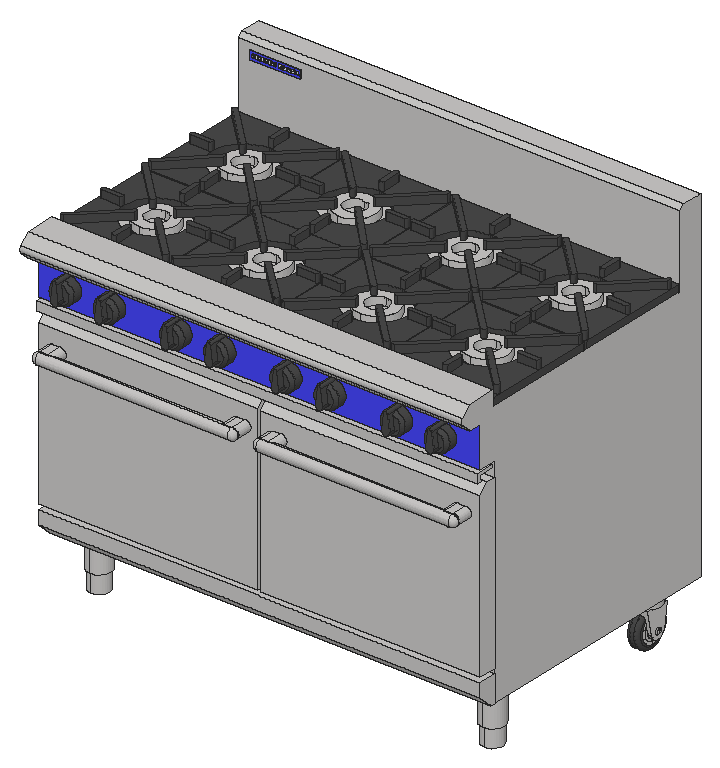
Revit family "QF_MOFFAT_BLUESEAL_CE_G528D", category Specialty Equipment, Revit 2012
Parameters
  Width = 1200 mm
  Weight in Pounds = 664  # constant formula
  URL Cutsheet = "www.moffat.com"
  URL = "www.moffat.com"
  Type Mark [instance] = ""
  Status [instance] = ""
  Specification by User [instance] = ""
  Specification by Manufacturer = ""
  Show Logo [instance] = yes
  Show Clearance [instance] = yes
  Show Casters [instance] = yes
  Serial Number = ""
  Seismic Rating = ""
  SMACNA No = ""
  Revision Code [instance] = ""
  Omniclass Number and Title = ""
  NAFEM Spec ID Number = ""
  Model = "G528D"
  Mechanical Remarks = ""
  Mechanical Connection Type [instance] = ""
  Masterspec = ""
  Manufacturer = "MOFFAT BLUESEAL"
  Legs [instance] = no
  Item Number [instance] = ""
  Installed By [instance] = ""
  Identify Quantity as Lot [instance] = yes
  Height = 970 mm
  Gas Size = 3/4"
  Gas RI Height [instance] = 0 mm
  Gas KW [instance] = 69.2
  Gas Input [instance] = 237000.0 Btu/h
  Gas Connection Height = 0 mm
  Furnished By [instance] = ""
  Foodservice Equipment Identifier [instance] = yes
  Description = "1200MM GAS RANGE WITH DOUBLE STATIC OVENS"
  Depth = 812 mm
  CSI MasterFormat = ""
  CSI Master Format = ""
  Body Finish = QF_Finishes_Stainless Steel
Reference planes
  plane 1 "BACK": y = 0
  plane 2: z = 0
  plane 3 "LEFT": x = 0
  plane 4 "RIGHT": x = 1200
  plane 5 "FRONT": y = -812
  plane 6 "TOP": z = 970
  plane 7 "Center Y": x = 600
  plane 8 "Center X": y = -406
  plane 9: y = -805
  plane 10: y = -32
  plane 11: z = 655
  plane 12: z = 1085
  plane 13: y = -100
  plane 14: y = -625
  plane 15: x = 1134.5
  plane 16: x = 65.5
Forms (mm)
  Extrusion 1, solid, material "QF_Finishes_Stainless Steel" <- "Body Finish"
    sketch origin (0, 0, 0) x (0, 1, 0) y (0, 0, 1)
      loop
        line (0, 150) -> (0, 1085) -> (-57.5, 1085) -> (-70, 1072.5) -> (-70, 875) -> (-705, 875) -> (-705, 915) -> (-783.97, 915) -> (-808.485, 890.485)
        arc (-808.485, 890.485) -> (-811.999, 882) -> (-808.485, 873.515) r 12
        line (-808.485, 873.515) -> (-784.97, 850) -> (-749, 850) -> (-749, 740) -> (-699, 740) -> (-699, 150) -> (0, 150)
      loop
        line (-756, 710) -> (-747.224, 710) -> (-749.613, 726.999) -> (-707.93, 726.999) -> (-707.93, 734.003) -> (-756, 734.003) -> (-756, 710)
      loop
        line (-749, 186) -> (-713, 150) -> (-700, 150) -> (-700, 222.5) -> (-749, 222.5) -> (-749, 186)
    from 0 to 1200
  Extrusion 2, solid, material "QF_Finishes_Stainless Steel"
    sketch origin (0, 0, 0) x (0, 1, 0) y (0, 0, 1)
      loop
        line (-749, 676) -> (-749, 235) -> (-700, 235) -> (-700, 700) -> (-725, 700) -> (-749, 676)
    from 0 to 1200
  Revolve 3, solid, material "QF_Finishes_Stainless Steel" <- "Body Finish"
    sketch origin (1134.5, -696.126, 0) x (0, 1, 0) y (0, 0, -1)
      loop
        line (39.376, -150) -> (71.126, -150) -> (71.126, 0) -> (43.626, 0) -> (43.626, -50) -> (39.376, -50) -> (39.376, -150)
      axis (71.126, -150) -> (71.126, 0)
    angle from 0 to 360
  Revolve 4, solid, material "QF_Finishes_Stainless Steel" <- "Body Finish"
    sketch origin (65.5, -696.126, 0) x (0, 1, 0) y (0, 0, 1)
      loop
        line (39.376, 150) -> (39.376, 50) -> (43.626, 50) -> (43.626, 0) -> (71.126, 0) -> (71.126, 150) -> (39.376, 150)
      axis (71.126, 150) -> (71.126, 0)
    angle from 0 to 360
  Extrusion 5, solid, material "QF_Finishes_Stainless Steel"
    sketch origin (-64.5, 0, 325) x (1, 0, 0) y (0, 1, 0)
      loop
        circle (1134.5, -34) r 10
    from 330 to 374.856
  Revolve 6, solid, material "QF_Finishes_Black"
    sketch origin (90.337, 45.874, -0.078) x (0, 1, 0) y (0, 0, -1)
      loop
        line (-827.874, -829.5) -> (-804.874, -829.5) -> (-804.874, -802) -> (-794.874, -802) -> (-794.874, -797) -> (-838.874, -797) -> (-838.874, -823.651) -> (-827.874, -829.5)
      axis (-838.874, -797) -> (-794.874, -797)
    angle from 0 to 360
  Revolve 7, solid, material "QF_Finishes_Black"
    sketch origin (210.649, 45.874, -0.078) x (0, 1, 0) y (0, 0, -1)
      loop
        line (-827.874, -829.5) -> (-804.874, -829.5) -> (-804.874, -802) -> (-794.874, -802) -> (-794.874, -797) -> (-838.874, -797) -> (-838.874, -823.651) -> (-827.874, -829.5)
      axis (-838.874, -797) -> (-794.874, -797)
    angle from 0 to 360
  Extrusion 8, solid, material "QF_Finishes_Black"
    sketch origin (238.144, 0, -0.078) x (-1, 0, 0) y (0, 0, -1)
      loop
        line (137.724, -786.273) -> (143.145, -829.191)
        arc (143.145, -829.191) -> (148.144, -834.078) -> (153.142, -829.191) r 5
        line (153.142, -829.191) -> (158.631, -785.106)
        arc (158.631, -785.106) -> (147.559, -774.607) -> (137.724, -786.273) r 10.487
    from 759 to 808
  Extrusion 9, void
    sketch origin (0, -756, 676) x (0, 0, 1) y (1, 0, 0)
      loop
        line (24, 595.449) -> (24, 604.551) -> (-453.5, 604.551) -> (-453.5, 595.449) -> (24, 595.449)
    from 0 to 51
  Revolve 10, solid, material "QF_Finishes_Black"
    sketch origin (390.649, 45.874, -0.078) x (0, 1, 0) y (0, 0, -1)
      loop
        line (-827.874, -829.5) -> (-804.874, -829.5) -> (-804.874, -802) -> (-794.874, -802) -> (-794.874, -797) -> (-838.874, -797) -> (-838.874, -823.651) -> (-827.874, -829.5)
      axis (-838.874, -797) -> (-794.874, -797)
    angle from 0 to 360
  Revolve 11, solid, material "QF_Finishes_Black"
    sketch origin (510.625, 45.874, -0.078) x (0, 1, 0) y (0, 0, -1)
      loop
        line (-827.874, -829.5) -> (-804.874, -829.5) -> (-804.874, -802) -> (-794.874, -802) -> (-794.874, -797) -> (-838.874, -797) -> (-838.874, -823.651) -> (-827.874, -829.5)
      axis (-838.874, -797) -> (-794.874, -797)
    angle from 0 to 360
  Revolve 12, solid, material "QF_Finishes_Black"
    sketch origin (690.649, 45.874, -0.078) x (0, 1, 0) y (0, 0, -1)
      loop
        line (-827.874, -829.5) -> (-804.874, -829.5) -> (-804.874, -802) -> (-794.874, -802) -> (-794.874, -797) -> (-838.874, -797) -> (-838.874, -823.651) -> (-827.874, -829.5)
      axis (-838.874, -797) -> (-794.874, -797)
    angle from 0 to 360
  Revolve 13, solid, material "QF_Finishes_Black"
    sketch origin (810.337, 45.874, -0.078) x (0, 1, 0) y (0, 0, -1)
      loop
        line (-827.874, -829.5) -> (-804.874, -829.5) -> (-804.874, -802) -> (-794.874, -802) -> (-794.874, -797) -> (-838.874, -797) -> (-838.874, -823.651) -> (-827.874, -829.5)
      axis (-838.874, -797) -> (-794.874, -797)
    angle from 0 to 360
  Revolve 14, solid, material "QF_Finishes_Black"
    sketch origin (990.649, 45.874, -0.078) x (0, 1, 0) y (0, 0, -1)
      loop
        line (-827.874, -829.5) -> (-804.874, -829.5) -> (-804.874, -802) -> (-794.874, -802) -> (-794.874, -797) -> (-838.874, -797) -> (-838.874, -823.651) -> (-827.874, -829.5)
      axis (-838.874, -797) -> (-794.874, -797)
    angle from 0 to 360
  Revolve 15, solid, material "QF_Finishes_Black"
    sketch origin (1110.625, 45.874, -0.078) x (0, 1, 0) y (0, 0, -1)
      loop
        line (-827.874, -829.5) -> (-804.874, -829.5) -> (-804.874, -802) -> (-794.874, -802) -> (-794.874, -797) -> (-838.874, -797) -> (-838.874, -823.651) -> (-827.874, -829.5)
      axis (-838.874, -797) -> (-794.874, -797)
    angle from 0 to 360
  Extrusion 16, solid, material "QF_Door-Drawer Clearances", visible <- "Show Clearance", detail levels coarse
    sketch origin (762.865, 0, 0) x (0, 1, 0) y (0, 0, 1)
      loop
        arc (-756, 697.347) -> (-1088.232, 559.732) -> (-1225.847, 227.5) r 469.847
        line (-1225.847, 227.5) -> (-756, 227.5) -> (-756, 697.347)
    from -167.415 to -762.865
  Extrusion 17, solid, material "QF_Door-Drawer Clearances", visible <- "Show Clearance", detail levels coarse
    sketch origin (437.135, 0, 0) x (0, 1, 0) y (0, 0, -1)
      loop
        line (-756, -697.347) -> (-756, -227.5) -> (-1225.847, -227.5)
        arc (-1225.847, -227.5) -> (-1088.232, -559.732) -> (-756, -697.347) r 469.847
    from -167.415 to -762.865
  Extrusion 18, void
    sketch origin (0, 0, 150) x (-1, 0, 0) y (0, -1, 0)
      loop
        line (-1133.988, 87.26) -> (-1133.988, -30.24) -> (-1004.488, -30.24) -> (-1004.488, 38.76) -> (-1052.988, 87.26) -> (-1133.988, 87.26)
    from 72.5 to 549.856
  Extrusion 19, solid, material "QF_Finishes_Stainless Steel"
    sketch origin (0, -749, 227.5) x (0, 0, 1) y (-1, 0, 0)
      loop
        line (380.625, -38.246) -> (380.625, -58.528)
        arc (380.625, -58.528) -> (395.625, -73.528) -> (410.625, -58.528) r 15
        line (410.625, -58.528) -> (410.625, -38.246)
        arc (410.625, -38.246) -> (395.625, -23.246) -> (380.625, -38.246) r 15
      loop
        arc (380.625, -560.539) -> (395.625, -575.539) -> (410.625, -560.539) r 15
        line (410.625, -560.539) -> (410.625, -540.257)
        arc (410.625, -540.257) -> (395.625, -525.257) -> (380.625, -540.257) r 15
        line (380.625, -540.257) -> (380.625, -560.539)
    from 0 to 44
  Revolve 20, solid, material "QF_Finishes_Stainless Steel"
    sketch origin (0, -793, 0) x (1, 0, 0) y (0, 0, 1)
      loop
        arc (575.852, 623.125) -> (571.458, 633.732) -> (560.852, 638.125) r 15
        line (560.852, 638.125) -> (38.246, 638.125)
        arc (38.246, 638.125) -> (27.64, 633.732) -> (23.246, 623.125) r 15
        line (23.246, 623.125) -> (575.852, 623.125)
      axis (575.852, 623.125) -> (23.246, 623.125)
    angle from 0 to 360
  Extrusion 21, solid, material "QF_Finishes_Stainless Steel"
    sketch origin (600, -749, 227.5) x (0, 0, 1) y (-1, 0, 0)
      loop
        line (380.625, -38.246) -> (380.625, -58.528)
        arc (380.625, -58.528) -> (395.625, -73.528) -> (410.625, -58.528) r 15
        line (410.625, -58.528) -> (410.625, -38.246)
        arc (410.625, -38.246) -> (395.625, -23.246) -> (380.625, -38.246) r 15
      loop
        arc (380.625, -560.539) -> (395.625, -575.539) -> (410.625, -560.539) r 15
        line (410.625, -560.539) -> (410.625, -540.257)
        arc (410.625, -540.257) -> (395.625, -525.257) -> (380.625, -540.257) r 15
        line (380.625, -540.257) -> (380.625, -560.539)
    from 0 to 44
  Revolve 22, solid, material "QF_Finishes_Stainless Steel"
    sketch origin (600, -793, 0) x (1, 0, 0) y (0, 0, 1)
      loop
        arc (575.852, 623.125) -> (571.458, 633.732) -> (560.852, 638.125) r 15
        line (560.852, 638.125) -> (38.246, 638.125)
        arc (38.246, 638.125) -> (27.64, 633.732) -> (23.246, 623.125) r 15
        line (23.246, 623.125) -> (575.852, 623.125)
      axis (575.852, 623.125) -> (23.246, 623.125)
    angle from 0 to 360
  Revolve 23, solid, material "QF_Finishes_Stainless Steel", visible <- "Legs"
    sketch origin (65.5, -166, 0) x (0, 1, 0) y (0, 0, 1)
      loop
        line (34.25, 150) -> (34.25, 50) -> (38.5, 50) -> (38.5, 0) -> (66, 0) -> (66, 150) -> (34.25, 150)
      axis (66, 150) -> (66, 0)
    angle from 0 to 360
  Revolve 24, solid, material "QF_Finishes_Stainless Steel", visible <- "Show Casters"
    sketch origin (16.276, -100.755, -12.8) x (1, 0, 0) y (0, 0, 1)
      loop
        line (14.841, 63.604) -> (83.584, 63.604) -> (83.584, 67.109) -> (82.314, 68.379) -> (80.79, 68.379) -> (80.79, 71.826) -> (68.644, 71.826) -> (68.644, 81.79) -> (65.088, 83.843) -> (63.738, 92.179) -> (65.881, 92.179) -> (65.881, 98.529) -> (65.088, 98.529) -> (65.088, 104.879)
        arc (65.088, 104.879) -> (62.298, 111.614) -> (55.563, 114.404) r 9.525
        line (55.563, 114.404) -> (42.863, 114.404)
        arc (42.863, 114.404) -> (36.127, 111.614) -> (33.338, 104.879) r 9.525
        line (33.338, 104.879) -> (33.338, 98.529) -> (32.544, 98.529) -> (32.544, 92.179) -> (34.687, 92.179) -> (33.352, 83.932) -> (29.782, 81.871) -> (29.782, 71.826) -> (17.635, 71.826) -> (17.635, 68.379) -> (16.111, 68.379) -> (14.841, 67.109) -> (14.841, 63.604)
      axis (14.841, 63.604) -> (83.584, 63.604)
    angle from 0 to 360
  Extrusion 25, solid, material "QF_Finishes_Stainless Steel", visible <- "Show Casters"
    sketch origin (72.001, 132.353, -8.783) x (0, 1, 0) y (0, 0, 1)
      loop
        line (-200.603, 118.783) -> (-264.103, 118.783) -> (-251.746, 53.895)
        arc (-251.746, 53.895) -> (-232.353, 38.783) -> (-212.959, 53.895) r 20
        line (-212.959, 53.895) -> (-200.603, 118.783)
    from -35.667 to 22.923
  Revolve 26, solid, material "QF_Finishes_Stainless Steel", visible <- "Show Casters"
    sketch origin (65.5, -204, 0) x (0, 1, 0) y (0, 0, 1)
      loop
        line (68.25, 150) -> (68.25, 110) -> (104, 110) -> (104, 150) -> (68.25, 150)
      axis (104, 150) -> (104, 110)
    angle from 0 to 360
  Revolve 27, solid, material "QF_Finishes_Stainless Steel", visible <- "Legs"
    sketch origin (65.5, -166, 0) x (0, 1, 0) y (0, 0, 1)
      loop
        line (34.25, 150) -> (34.25, 50) -> (38.5, 50) -> (38.5, 0) -> (66, 0) -> (66, 150) -> (34.25, 150)
      axis (66, 150) -> (66, 0)
    angle from 0 to 360
  Revolve 28, solid, material "QF_Finishes_Stainless Steel", visible <- "Legs"
    sketch origin (1134.5, -166, 0) x (0, 1, 0) y (0, 0, -1)
      loop
        line (34.25, -150) -> (66, -150) -> (66, 0) -> (38.5, 0) -> (38.5, -50) -> (34.25, -50) -> (34.25, -150)
      axis (66, -150) -> (66, 0)
    angle from 0 to 360
  Revolve 29, solid, material "QF_Finishes_Stainless Steel", visible <- "Show Casters"
    sketch origin (1183.724, -100.755, -12.8) x (-1, 0, 0) y (0, 0, -1)
      loop
        line (14.841, -63.604) -> (14.841, -67.109) -> (16.111, -68.379) -> (17.635, -68.379) -> (17.635, -71.826) -> (29.782, -71.826) -> (29.782, -81.871) -> (33.352, -83.932) -> (34.687, -92.179) -> (32.544, -92.179) -> (32.544, -98.529) -> (33.338, -98.529) -> (33.338, -104.879)
        arc (33.338, -104.879) -> (36.127, -111.614) -> (42.863, -114.404) r 9.525
        line (42.863, -114.404) -> (55.563, -114.404)
        arc (55.563, -114.404) -> (62.298, -111.614) -> (65.088, -104.879) r 9.525
        line (65.088, -104.879) -> (65.088, -98.529) -> (65.881, -98.529) -> (65.881, -92.179) -> (63.738, -92.179) -> (65.088, -83.843) -> (68.644, -81.79) -> (68.644, -71.826) -> (80.79, -71.826) -> (80.79, -68.379) -> (82.314, -68.379) -> (83.584, -67.109) -> (83.584, -63.604) -> (14.841, -63.604)
      axis (14.841, -63.604) -> (83.584, -63.604)
    angle from 0 to 360
  Extrusion 30, solid, material "QF_Finishes_Stainless Steel", visible <- "Show Casters"
    sketch origin (1127.999, 132.353, -8.783) x (0, 1, 0) y (0, 0, -1)
      loop
        line (-200.603, -118.783) -> (-212.959, -53.895)
        arc (-212.959, -53.895) -> (-232.353, -38.783) -> (-251.746, -53.895) r 20
        line (-251.746, -53.895) -> (-264.103, -118.783) -> (-200.603, -118.783)
    from -35.667 to 22.923
  Revolve 31, solid, material "QF_Finishes_Stainless Steel", visible <- "Show Casters"
    sketch origin (1134.5, -204, 0) x (0, 1, 0) y (0, 0, -1)
      loop
        line (68.25, -150) -> (104, -150) -> (104, -110) -> (68.25, -110) -> (68.25, -150)
      axis (104, -150) -> (104, -110)
    angle from 0 to 360
  Revolve 32, solid, material "QF_Finishes_Stainless Steel", visible <- "Legs"
    sketch origin (1134.5, -166, 0) x (0, 1, 0) y (0, 0, -1)
      loop
        line (34.25, -150) -> (66, -150) -> (66, 0) -> (38.5, 0) -> (38.5, -50) -> (34.25, -50) -> (34.25, -150)
      axis (66, -150) -> (66, 0)
    angle from 0 to 360
  Extrusion 33, solid, material "QF_Finishes_Black"
    sketch origin (358.456, 0, -0.078) x (-1, 0, 0) y (0, 0, -1)
      loop
        line (137.724, -786.273) -> (143.145, -829.191)
        arc (143.145, -829.191) -> (148.144, -834.078) -> (153.142, -829.191) r 5
        line (153.142, -829.191) -> (158.631, -785.106)
        arc (158.631, -785.106) -> (147.559, -774.607) -> (137.724, -786.273) r 10.487
    from 759 to 808
  Extrusion 34, solid, material "QF_Finishes_Black"
    sketch origin (538.456, 0, -0.078) x (-1, 0, 0) y (0, 0, -1)
      loop
        line (137.724, -786.273) -> (143.145, -829.191)
        arc (143.145, -829.191) -> (148.144, -834.078) -> (153.142, -829.191) r 5
        line (153.142, -829.191) -> (158.631, -785.106)
        arc (158.631, -785.106) -> (147.559, -774.607) -> (137.724, -786.273) r 10.487
    from 759 to 808
  Extrusion 35, solid, material "QF_Finishes_Black"
    sketch origin (658.432, 0, -0.078) x (-1, 0, 0) y (0, 0, -1)
      loop
        line (137.724, -786.273) -> (143.145, -829.191)
        arc (143.145, -829.191) -> (148.144, -834.078) -> (153.142, -829.191) r 5
        line (153.142, -829.191) -> (158.631, -785.106)
        arc (158.631, -785.106) -> (147.559, -774.607) -> (137.724, -786.273) r 10.487
    from 759 to 808
  Extrusion 36, solid, material "QF_Finishes_Black"
    sketch origin (838.456, 0, -0.078) x (-1, 0, 0) y (0, 0, -1)
      loop
        line (137.724, -786.273) -> (143.145, -829.191)
        arc (143.145, -829.191) -> (148.144, -834.078) -> (153.142, -829.191) r 5
        line (153.142, -829.191) -> (158.631, -785.106)
        arc (158.631, -785.106) -> (147.559, -774.607) -> (137.724, -786.273) r 10.487
    from 759 to 808
  Extrusion 37, solid, material "QF_Finishes_Black"
    sketch origin (958.144, 0, -0.078) x (-1, 0, 0) y (0, 0, -1)
      loop
        line (137.724, -786.273) -> (143.145, -829.191)
        arc (143.145, -829.191) -> (148.144, -834.078) -> (153.142, -829.191) r 5
        line (153.142, -829.191) -> (158.631, -785.106)
        arc (158.631, -785.106) -> (147.559, -774.607) -> (137.724, -786.273) r 10.487
    from 759 to 808
  Extrusion 38, solid, material "QF_Finishes_Black"
    sketch origin (1138.456, 0, -0.078) x (-1, 0, 0) y (0, 0, -1)
      loop
        line (137.724, -786.273) -> (143.145, -829.191)
        arc (143.145, -829.191) -> (148.144, -834.078) -> (153.142, -829.191) r 5
        line (153.142, -829.191) -> (158.631, -785.106)
        arc (158.631, -785.106) -> (147.559, -774.607) -> (137.724, -786.273) r 10.487
    from 759 to 808
  Extrusion 39, solid, material "QF_Finishes_Black"
    sketch origin (1258.432, 0, -0.078) x (-1, 0, 0) y (0, 0, -1)
      loop
        line (137.724, -786.273) -> (143.145, -829.191)
        arc (143.145, -829.191) -> (148.144, -834.078) -> (153.142, -829.191) r 5
        line (153.142, -829.191) -> (158.631, -785.106)
        arc (158.631, -785.106) -> (147.559, -774.607) -> (137.724, -786.273) r 10.487
    from 759 to 808
Cuts and joins
  Extrusion 9, Extrusion 18 cuts Extrusion 1
  Extrusion 9 cuts Extrusion 2
Lines and regions (mm)
  Split face 1
    outline origin (1200, 0, 1085) x (-1, 0, 0) y (0, -1, 0)
      loop
        arc (35.206, 45.385) -> (26.545, 40.385) -> (26.545, 30.385) r 10
        line (26.545, 30.385) -> (30.587, 23.385)
        arc (30.587, 23.385) -> (34.247, 19.725) -> (39.247, 18.385) r 10
        line (39.247, 18.385) -> (267.206, 18.385)
        arc (267.206, 18.385) -> (275.866, 23.385) -> (275.866, 33.385) r 10
        line (275.866, 33.385) -> (271.824, 40.385)
        arc (271.824, 40.385) -> (268.164, 44.045) -> (263.164, 45.385) r 10
        line (263.164, 45.385) -> (35.206, 45.385)
  Split face 2
    outline origin (1200, 0, 1085) x (-1, 0, 0) y (0, -1, 0)
      loop
        arc (335.206, 45.385) -> (326.545, 40.385) -> (326.545, 30.385) r 10
        line (326.545, 30.385) -> (330.587, 23.385)
        arc (330.587, 23.385) -> (334.247, 19.725) -> (339.247, 18.385) r 10
        line (339.247, 18.385) -> (567.206, 18.385)
        arc (567.206, 18.385) -> (575.866, 23.385) -> (575.866, 33.385) r 10
        line (575.866, 33.385) -> (571.824, 40.385)
        arc (571.824, 40.385) -> (568.164, 44.045) -> (563.164, 45.385) r 10
        line (563.164, 45.385) -> (335.206, 45.385)
  Split face 3
    outline origin (1200, 0, 1085) x (-1, 0, 0) y (0, -1, 0)
      loop
        arc (635.206, 45.385) -> (626.545, 40.385) -> (626.545, 30.385) r 10
        line (626.545, 30.385) -> (630.587, 23.385)
        arc (630.587, 23.385) -> (634.247, 19.725) -> (639.247, 18.385) r 10
        line (639.247, 18.385) -> (867.206, 18.385)
        arc (867.206, 18.385) -> (875.866, 23.385) -> (875.866, 33.385) r 10
        line (875.866, 33.385) -> (871.824, 40.385)
        arc (871.824, 40.385) -> (868.164, 44.045) -> (863.164, 45.385) r 10
        line (863.164, 45.385) -> (635.206, 45.385)
  Split face 4
    outline origin (1200, 0, 1085) x (-1, 0, 0) y (0, -1, 0)
      loop
        arc (935.206, 45.385) -> (926.545, 40.385) -> (926.545, 30.385) r 10
        line (926.545, 30.385) -> (930.587, 23.385)
        arc (930.587, 23.385) -> (934.247, 19.725) -> (939.247, 18.385) r 10
        line (939.247, 18.385) -> (1167.206, 18.385)
        arc (1167.206, 18.385) -> (1175.866, 23.385) -> (1175.866, 33.385) r 10
        line (1175.866, 33.385) -> (1171.824, 40.385)
        arc (1171.824, 40.385) -> (1168.164, 44.045) -> (1163.164, 45.385) r 10
        line (1163.164, 45.385) -> (935.206, 45.385)
  symbolic lines, style "QF_Door-Drawer Clearances", visible <- "Show Clearance"
    curve 1: line (0, -1225.847, 0) -> (595.449, -1225.847, 0)
    curve 2: line (595.449, -1225.847, 0) -> (595.449, -812, 0)
    curve 3: line (0, -1225.847, 0) -> (0, -812, 0)
    curve 4: line (1200, -1225.847, 0) -> (604.551, -1225.847, 0)
    curve 5: line (604.551, -1225.847, 0) -> (604.551, -812, 0)
    curve 6: line (1200, -1225.847, 0) -> (1200, -812, 0)
  symbolic lines, style "SpecialityEquipmentHiddenLines", visible <- "Show Casters"
    curve 7: line (78.456, -46.735, 0) -> (105.952, -62.61, 0)
    curve 8: line (27.656, -134.723, 0) -> (78.456, -46.735, 0)
    curve 9: line (55.152, -150.598, 0) -> (27.656, -134.723, 0)
    curve 10: line (105.952, -62.61, 0) -> (55.152, -150.598, 0)
    curve 11: line (1125.152, -150.598, 0) -> (1097.656, -134.723, 0)
    curve 12: line (1175.952, -62.61, 0) -> (1125.152, -150.598, 0)
    curve 13: line (1148.456, -46.735, 0) -> (1097.656, -134.723, 0)
    curve 14: line (1175.952, -62.61, 0) -> (1148.456, -46.735, 0)
  symbolic lines
    curve 15: line (0, 0, 0) -> (1200, 0, 0)
    curve 16: line (0, -812, 0) -> (0, 0, 0)
    curve 17: line (1200, -812, 0) -> (0, -812, 0)
    curve 18: line (1200, 0, 0) -> (1200, -812, 0)
    curve 19: line (0, -783.97, 0) -> (1200, -783.97, 0)
    curve 20: line (0, -705, 0) -> (1200, -705, 0)
    curve 21: line (0, -70, 0) -> (1200, -70, 0)
    curve 22: line (0, -57.5, 0) -> (1200, -57.5, 0)
    curve 23: line (936.836, -45.385, 0) -> (1164.794, -45.385, 0)
    curve 24: arc (1164.794, -45.385, 0) -> (1173.455, -40.385, 0) -> (1173.455, -30.385, 0) r 10
    curve 25: line (1173.455, -30.385, 0) -> (1169.413, -23.385, 0)
    curve 26: arc (1169.413, -23.385, 0) -> (1165.753, -19.725, 0) -> (1160.753, -18.385, 0) r 10
    curve 27: line (1160.753, -18.385, 0) -> (932.794, -18.385, 0)
    curve 28: arc (932.794, -18.385, 0) -> (924.134, -23.385, 0) -> (924.134, -33.385, 0) r 10
    curve 29: line (924.134, -33.385, 0) -> (928.176, -40.385, 0)
    curve 30: arc (928.176, -40.385, 0) -> (931.836, -44.045, 0) -> (936.836, -45.385, 0) r 10
    curve 31: line (632.794, -18.385, 0) -> (860.753, -18.385, 0)
    curve 32: arc (860.753, -18.385, 0) -> (865.753, -19.725, 0) -> (869.413, -23.385, 0) r 10
    curve 33: line (869.413, -23.385, 0) -> (873.455, -30.385, 0)
    curve 34: arc (873.455, -30.385, 0) -> (873.455, -40.385, 0) -> (864.794, -45.385, 0) r 10
    curve 35: line (864.794, -45.385, 0) -> (636.836, -45.385, 0)
    curve 36: arc (636.836, -45.385, 0) -> (631.836, -44.045, 0) -> (628.176, -40.385, 0) r 10
    curve 37: line (628.176, -40.385, 0) -> (624.134, -33.385, 0)
    curve 38: arc (624.134, -33.385, 0) -> (624.134, -23.385, 0) -> (632.794, -18.385, 0) r 10
    curve 39: line (332.794, -18.385, 0) -> (560.753, -18.385, 0)
    curve 40: arc (560.753, -18.385, 0) -> (565.753, -19.725, 0) -> (569.413, -23.385, 0) r 10
    curve 41: line (569.413, -23.385, 0) -> (573.455, -30.385, 0)
    curve 42: arc (573.455, -30.385, 0) -> (573.455, -40.385, 0) -> (564.794, -45.385, 0) r 10
    curve 43: line (564.794, -45.385, 0) -> (336.836, -45.385, 0)
    curve 44: arc (336.836, -45.385, 0) -> (331.836, -44.045, 0) -> (328.176, -40.385, 0) r 10
    curve 45: line (328.176, -40.385, 0) -> (324.134, -33.385, 0)
    curve 46: arc (324.134, -33.385, 0) -> (324.134, -23.385, 0) -> (332.794, -18.385, 0) r 10
    curve 47: line (260.753, -18.385, 0) -> (32.794, -18.385, 0)
    curve 48: arc (32.794, -18.385, 0) -> (24.134, -23.385, 0) -> (24.134, -33.385, 0) r 10
    curve 49: line (24.134, -33.385, 0) -> (28.176, -40.385, 0)
    curve 50: arc (28.176, -40.385, 0) -> (31.836, -44.045, 0) -> (36.836, -45.385, 0) r 10
    curve 51: line (36.836, -45.385, 0) -> (264.794, -45.385, 0)
    curve 52: arc (264.794, -45.385, 0) -> (273.455, -40.385, 0) -> (273.455, -30.385, 0) r 10
    curve 53: line (273.455, -30.385, 0) -> (269.413, -23.385, 0)
    curve 54: arc (269.413, -23.385, 0) -> (265.753, -19.725, 0) -> (260.753, -18.385, 0) r 10
Dimensions and locks
  equal spacing: plane 3 "LEFT", plane 7 "Center Y", plane 4 "RIGHT"
  "Width": plane 3 "LEFT" to plane 4 "RIGHT"
  equal spacing: plane 5 "FRONT", plane 8 "Center X", plane 1 "BACK"
  "Depth": plane 5 "FRONT" to plane 1 "BACK"
  equal spacing: plane 4 "RIGHT", plane 7 "Center Y", plane 3 "LEFT"
  plane 4 "RIGHT" to plane 3 "LEFT" = 1200 mm
  "Height": plane 6 "TOP" to level
  plane 5 "FRONT" to plane 1 "BACK" = 812 mm
  plane 9 to plane 5 "FRONT" = 7 mm
  plane 6 "TOP" to plane 2 = 970 mm
  plane 12 to plane 2 = 1085 mm
  Extrusion 5 sketch curve to plane 4 "RIGHT" = 130 mm
  Extrusion 5 sketch curve to plane 1 "BACK" = 34 mm
  level to Extrusion 5 = 655 mm
  Revolve 24 sketch curve to Revolve 24 sketch curve = 50.8 mm
  Revolve 29 sketch curve to Revolve 29 sketch curve = 50.8 mm
  aligned and locked: level to plane 2
  aligned and locked: Extrusion 1 to plane 4 "RIGHT"
  aligned and locked: Extrusion 2 to plane 4 "RIGHT"
  aligned and locked: cut or joined group of Extrusion 2, Extrusion 9 to Extrusion 16
Automatic sketch dimensions
  Extrusion 1 sketch curve to plane 12 = 0 mm
  Extrusion 1 sketch curve to plane 1 "BACK" = 0 mm
  Extrusion 1 sketch curve to plane 10 = 25.5 mm
  plane 13 to Extrusion 1 sketch curve = 30 mm
  Extrusion 1 sketch curve to plane 14 = 74 mm
  Extrusion 1 sketch curve to Extrusion 1 sketch curve = 1 mm
  Extrusion 1 sketch curve to plane 14 = 80 mm
  Extrusion 1 sketch curve to Extrusion 1 sketch curve = 8.93 mm
  Extrusion 1 sketch curve to Extrusion 1 sketch curve = 13 mm
  Extrusion 1 sketch curve to Extrusion 1 sketch curve = 39.294 mm
  Extrusion 1 sketch curve to Extrusion 1 sketch curve = 36 mm  (x2)
  Extrusion 1 sketch curve to Extrusion 1 sketch curve = 44 mm
  Extrusion 1 sketch curve to Extrusion 1 sketch curve = 0.613 mm
  Extrusion 1 sketch curve to Extrusion 1 sketch curve = 8.776 mm
  plane 9 to Extrusion 1 sketch curve = 21.03 mm
  plane 9 to Extrusion 1 sketch curve = 20.03 mm
  plane 9 to Extrusion 1 sketch curve = 5.001 mm
  Extrusion 1 sketch curve to plane 9 = 3.485 mm  (x2)
  Extrusion 1 sketch curve to plane 12 = 12.5 mm
  Extrusion 1 sketch curve to plane 6 "TOP" = 55 mm
  Extrusion 1 sketch curve to Extrusion 1 sketch curve = 24.515 mm
  Extrusion 1 sketch curve to Extrusion 1 sketch curve = 8.485 mm
  Extrusion 1 sketch curve to Extrusion 1 sketch curve = 40 mm
  Extrusion 1 sketch curve to Extrusion 1 sketch curve = 25 mm
  plane 11 to Extrusion 1 sketch curve = 85 mm
  Extrusion 1 sketch curve to Extrusion 1 sketch curve = 5.997 mm
  Extrusion 1 sketch curve to Extrusion 1 sketch curve = 7.004 mm
  Extrusion 1 sketch curve to Extrusion 1 sketch curve = 16.999 mm
  level to Extrusion 1 sketch curve = 222.5 mm
  Extrusion 1 sketch curve to Extrusion 1 sketch curve = 36.5 mm
  Extrusion 1 sketch curve to Extrusion 1 sketch curve = 0 mm
  plane 11 to Extrusion 2 sketch curve = 21 mm
  plane 9 to Extrusion 2 sketch curve = 56 mm
  Extrusion 2 sketch curve to Extrusion 2 sketch curve = 24 mm  (x2)
  Extrusion 2 sketch curve to Extrusion 2 sketch curve = 25 mm
  level to Extrusion 2 sketch curve = 235 mm
  Revolve 3 sketch curve to level = 0 mm
  Revolve 3 sketch curve to plane 14 = 0 mm  (x2)
  Revolve 3 sketch curve to Revolve 3 sketch curve = 27.5 mm
  Revolve 3 sketch curve to Revolve 3 sketch curve = 31.75 mm
  level to Revolve 3 sketch curve = 50 mm
  Revolve 3 sketch curve to Revolve 3 sketch curve = 0 mm
  Revolve 3 sketch curve to Revolve 3 sketch curve = 100 mm
  Revolve 3 sketch curve to Revolve 3 sketch curve = 55 mm
  Revolve 4 sketch curve to level = 0 mm
  Revolve 4 sketch curve to plane 14 = 0 mm  (x2)
  Revolve 4 sketch curve to Revolve 4 sketch curve = 27.5 mm
  Revolve 4 sketch curve to Revolve 4 sketch curve = 31.75 mm
  Revolve 4 sketch curve to level = 55 mm
  Revolve 4 sketch curve to Revolve 4 sketch curve = 50 mm
  Revolve 4 sketch curve to Revolve 4 sketch curve = 0 mm
  Revolve 4 sketch curve to Revolve 4 sketch curve = 100 mm
  plane 9 to Revolve 6 sketch curve = 12 mm
  Revolve 6 sketch curve to Revolve 6 sketch curve = 0 mm  (x2)
  Revolve 6 sketch curve to Revolve 6 sketch curve = 11 mm
  Revolve 6 sketch curve to Revolve 6 sketch curve = 12.7 mm
  Revolve 6 sketch curve to Revolve 6 sketch curve = 23 mm
  Revolve 6 sketch curve to Revolve 6 sketch curve = 10 mm
  Revolve 6 sketch curve to plane 6 "TOP" = 140.578 mm
  Revolve 6 sketch curve to Revolve 6 sketch curve = 5.849 mm
  Revolve 6 sketch curve to Revolve 6 sketch curve = 27.5 mm
  Revolve 6 sketch curve to Revolve 6 sketch curve = 5 mm
  plane 9 to Revolve 7 sketch curve = 12 mm
  Revolve 7 sketch curve to Revolve 7 sketch curve = 0 mm  (x2)
  Revolve 7 sketch curve to Revolve 7 sketch curve = 11 mm
  Revolve 7 sketch curve to Revolve 7 sketch curve = 12.7 mm
  Revolve 7 sketch curve to Revolve 7 sketch curve = 23 mm
  Revolve 7 sketch curve to Revolve 7 sketch curve = 10 mm
  Revolve 7 sketch curve to plane 6 "TOP" = 140.578 mm
  Revolve 7 sketch curve to Revolve 7 sketch curve = 5.849 mm
  Revolve 7 sketch curve to Revolve 7 sketch curve = 27.5 mm
  Revolve 7 sketch curve to Revolve 7 sketch curve = 5 mm
  plane 16 to Extrusion 8 sketch curve = 34.919 mm
  plane 16 to Extrusion 8 sketch curve = 29.499 mm
  Extrusion 8 sketch curve to Extrusion 8 sketch curve = 10.419 mm
  Extrusion 8 sketch curve to Extrusion 8 sketch curve = 4.999 mm  (x2)
  Extrusion 8 sketch curve to Extrusion 8 sketch curve = 10.487 mm
  Extrusion 8 sketch curve to plane 6 "TOP" = 140.887 mm
  Extrusion 8 sketch curve to Extrusion 8 sketch curve = 0.113 mm
  Extrusion 8 sketch curve to Extrusion 8 sketch curve = 42.919 mm
  Extrusion 8 sketch curve to Extrusion 8 sketch curve = 1.167 mm
  plane 7 "Center Y" to Extrusion 9 sketch curve = 4.551 mm
  level to Extrusion 9 sketch curve = 222.5 mm
  plane 11 to Extrusion 9 sketch curve = 45 mm
  Extrusion 9 sketch curve to plane 7 "Center Y" = 4.551 mm
  plane 9 to Revolve 10 sketch curve = 12 mm
  Revolve 10 sketch curve to Revolve 10 sketch curve = 0 mm  (x2)
  Revolve 10 sketch curve to Revolve 10 sketch curve = 11 mm
  Revolve 10 sketch curve to Revolve 10 sketch curve = 12.7 mm
  Revolve 10 sketch curve to Revolve 10 sketch curve = 23 mm
  Revolve 10 sketch curve to Revolve 10 sketch curve = 10 mm
  Revolve 10 sketch curve to plane 6 "TOP" = 140.578 mm
  Revolve 10 sketch curve to Revolve 10 sketch curve = 5.849 mm
  Revolve 10 sketch curve to Revolve 10 sketch curve = 27.5 mm
  Revolve 10 sketch curve to Revolve 10 sketch curve = 5 mm
  plane 9 to Revolve 11 sketch curve = 12 mm
  Revolve 11 sketch curve to Revolve 11 sketch curve = 0 mm  (x2)
  Revolve 11 sketch curve to Revolve 11 sketch curve = 11 mm
  Revolve 11 sketch curve to Revolve 11 sketch curve = 12.7 mm
  Revolve 11 sketch curve to Revolve 11 sketch curve = 23 mm
  Revolve 11 sketch curve to Revolve 11 sketch curve = 10 mm
  Revolve 11 sketch curve to plane 6 "TOP" = 140.578 mm
  Revolve 11 sketch curve to Revolve 11 sketch curve = 5.849 mm
  Revolve 11 sketch curve to Revolve 11 sketch curve = 27.5 mm
  Revolve 11 sketch curve to Revolve 11 sketch curve = 5 mm
  plane 9 to Revolve 12 sketch curve = 12 mm
  Revolve 12 sketch curve to Revolve 12 sketch curve = 0 mm  (x2)
  Revolve 12 sketch curve to Revolve 12 sketch curve = 11 mm
  Revolve 12 sketch curve to Revolve 12 sketch curve = 12.7 mm
  Revolve 12 sketch curve to Revolve 12 sketch curve = 23 mm
  Revolve 12 sketch curve to Revolve 12 sketch curve = 10 mm
  Revolve 12 sketch curve to plane 6 "TOP" = 140.578 mm
  Revolve 12 sketch curve to Revolve 12 sketch curve = 5.849 mm
  Revolve 12 sketch curve to Revolve 12 sketch curve = 27.5 mm
  Revolve 12 sketch curve to Revolve 12 sketch curve = 5 mm
  plane 9 to Revolve 13 sketch curve = 12 mm
  Revolve 13 sketch curve to Revolve 13 sketch curve = 0 mm  (x2)
  Revolve 13 sketch curve to Revolve 13 sketch curve = 11 mm
  Revolve 13 sketch curve to Revolve 13 sketch curve = 12.7 mm
  Revolve 13 sketch curve to Revolve 13 sketch curve = 23 mm
  Revolve 13 sketch curve to Revolve 13 sketch curve = 10 mm
  Revolve 13 sketch curve to plane 6 "TOP" = 140.578 mm
  Revolve 13 sketch curve to Revolve 13 sketch curve = 5.849 mm
  Revolve 13 sketch curve to Revolve 13 sketch curve = 27.5 mm
  Revolve 13 sketch curve to Revolve 13 sketch curve = 5 mm
  plane 9 to Revolve 14 sketch curve = 12 mm
  Revolve 14 sketch curve to Revolve 14 sketch curve = 0 mm  (x2)
  Revolve 14 sketch curve to Revolve 14 sketch curve = 11 mm
  Revolve 14 sketch curve to Revolve 14 sketch curve = 12.7 mm
  Revolve 14 sketch curve to Revolve 14 sketch curve = 23 mm
  Revolve 14 sketch curve to Revolve 14 sketch curve = 10 mm
  Revolve 14 sketch curve to plane 6 "TOP" = 140.578 mm
  Revolve 14 sketch curve to Revolve 14 sketch curve = 5.849 mm
  Revolve 14 sketch curve to Revolve 14 sketch curve = 27.5 mm
  Revolve 14 sketch curve to Revolve 14 sketch curve = 5 mm
  plane 9 to Revolve 15 sketch curve = 12 mm
  Revolve 15 sketch curve to Revolve 15 sketch curve = 0 mm  (x2)
  Revolve 15 sketch curve to Revolve 15 sketch curve = 11 mm
  Revolve 15 sketch curve to Revolve 15 sketch curve = 12.7 mm
  Revolve 15 sketch curve to Revolve 15 sketch curve = 23 mm
  Revolve 15 sketch curve to Revolve 15 sketch curve = 10 mm
  Revolve 15 sketch curve to plane 6 "TOP" = 140.578 mm
  Revolve 15 sketch curve to Revolve 15 sketch curve = 5.849 mm
  Revolve 15 sketch curve to Revolve 15 sketch curve = 27.5 mm
  Revolve 15 sketch curve to Revolve 15 sketch curve = 5 mm
  plane 5 "FRONT" to Extrusion 16 sketch curve = 413.847 mm
  plane 9 to Extrusion 16 sketch curve = 49 mm
  level to Extrusion 16 sketch curve = 227.5 mm
  plane 5 "FRONT" to Extrusion 17 sketch curve = 413.847 mm
  plane 9 to Extrusion 17 sketch curve = 49 mm
  plane 11 to Extrusion 17 sketch curve = 42.347 mm
  Extrusion 18 sketch curve to plane 15 = 0.512 mm
  plane 13 to Extrusion 18 sketch curve = 12.74 mm
  Extrusion 18 sketch curve to Extrusion 18 sketch curve = 81 mm
  Extrusion 18 sketch curve to plane 10 = 6.76 mm
  Extrusion 18 sketch curve to Extrusion 18 sketch curve = 48.5 mm
  Extrusion 18 sketch curve to plane 1 "BACK" = 30.24 mm
  Extrusion 19 sketch curve to plane 16 = 6.972 mm
  Extrusion 19 sketch curve to plane 11 = 46.875 mm  (x2)
  Extrusion 19 sketch curve to Extrusion 19 sketch curve = 15 mm  (x2)
  Extrusion 19 sketch curve to plane 7 "Center Y" = 59.743 mm
  Extrusion 19 sketch curve to Extrusion 19 sketch curve = 20.282 mm  (x2)
  Revolve 20 sketch curve to plane 3 "LEFT" = 6.961 mm
  plane 3 "LEFT" to Revolve 20 sketch curve = 23.246 mm
  Revolve 20 sketch curve to plane 11 = 16.875 mm
  Revolve 20 sketch curve to Revolve 20 sketch curve = 15 mm
  Revolve 20 sketch curve to plane 7 "Center Y" = 39.148 mm
  Revolve 20 sketch curve to plane 7 "Center Y" = 11.961 mm
  Revolve 20 sketch curve to Revolve 20 sketch curve = 0 mm
  Extrusion 21 sketch curve to plane 11 = 46.875 mm  (x2)
  plane 15 to Extrusion 21 sketch curve = 5.757 mm
  Extrusion 21 sketch curve to Extrusion 21 sketch curve = 15 mm  (x2)
  Extrusion 21 sketch curve to Extrusion 21 sketch curve = 20.282 mm  (x2)
  plane 7 "Center Y" to Extrusion 21 sketch curve = 58.528 mm
  Revolve 22 sketch curve to plane 7 "Center Y" = 6.961 mm
  plane 7 "Center Y" to Revolve 22 sketch curve = 23.246 mm
  Revolve 22 sketch curve to plane 11 = 16.875 mm
  Revolve 22 sketch curve to Revolve 22 sketch curve = 15 mm
  plane 15 to Revolve 22 sketch curve = 26.352 mm
  plane 4 "RIGHT" to Revolve 22 sketch curve = 11.961 mm
  Revolve 22 sketch curve to Revolve 22 sketch curve = 0 mm
  Split face 1 sketch curve to cut or joined group of Extrusion 1, Extrusion 9, Extrusion 18 = 26.545 mm
  Split face 1 sketch curve to Split face 1 sketch curve = 4.041 mm  (x4)
  Split face 1 sketch curve to Split face 1 sketch curve = 8.66 mm  (x2)
  Split face 1 sketch curve to cut or joined group of Extrusion 1, Extrusion 9, Extrusion 18 = 22.115 mm
  Split face 1 sketch curve to Split face 1 sketch curve = 223.917 mm
  Split face 1 sketch curve to cut or joined group of Extrusion 1, Extrusion 9, Extrusion 18 = 17.115 mm
  Split face 1 sketch curve to Split face 1 sketch curve = 10 mm
  Split face 1 sketch curve to Split face 1 sketch curve = 7 mm  (x3)
  Split face 2 sketch curve to cut or joined group of Extrusion 1, Extrusion 9, Extrusion 18 = 27.115 mm
  Split face 2 sketch curve to cut or joined group of Extrusion 1, Extrusion 9, Extrusion 18 = 326.545 mm
  Split face 2 sketch curve to cut or joined group of Extrusion 1, Extrusion 9, Extrusion 18 = 23.385 mm
  Split face 2 sketch curve to Split face 2 sketch curve = 4.041 mm  (x4)
  Split face 2 sketch curve to Split face 2 sketch curve = 8.66 mm  (x2)
  Split face 2 sketch curve to cut or joined group of Extrusion 1, Extrusion 9, Extrusion 18 = 22.115 mm
  Split face 2 sketch curve to Split face 2 sketch curve = 223.917 mm
  Split face 2 sketch curve to cut or joined group of Extrusion 1, Extrusion 9, Extrusion 18 = 17.115 mm
  Split face 2 sketch curve to Split face 2 sketch curve = 17 mm
  Split face 2 sketch curve to Split face 2 sketch curve = 7 mm
  Split face 3 sketch curve to cut or joined group of Extrusion 1, Extrusion 9, Extrusion 18 = 27.115 mm
  Split face 3 sketch curve to cut or joined group of Extrusion 1, Extrusion 9, Extrusion 18 = 573.455 mm
  Split face 3 sketch curve to cut or joined group of Extrusion 1, Extrusion 9, Extrusion 18 = 23.385 mm
  Split face 3 sketch curve to Split face 3 sketch curve = 4.041 mm  (x3)
  Split face 3 sketch curve to Split face 3 sketch curve = 8.66 mm  (x3)
  Split face 3 sketch curve to cut or joined group of Extrusion 1, Extrusion 9, Extrusion 18 = 12.115 mm
  Split face 3 sketch curve to Split face 3 sketch curve = 223.917 mm
  Split face 3 sketch curve to cut or joined group of Extrusion 1, Extrusion 9, Extrusion 18 = 17.115 mm
  Split face 3 sketch curve to cut or joined group of Extrusion 1, Extrusion 9, Extrusion 18 = 24.115 mm
  Split face 3 sketch curve to Split face 3 sketch curve = 5 mm
  Split face 4 sketch curve to cut or joined group of Extrusion 1, Extrusion 9, Extrusion 18 = 27.115 mm
  Split face 4 sketch curve to cut or joined group of Extrusion 1, Extrusion 9, Extrusion 18 = 273.455 mm
  Split face 4 sketch curve to cut or joined group of Extrusion 1, Extrusion 9, Extrusion 18 = 23.385 mm
  Split face 4 sketch curve to Split face 4 sketch curve = 4.041 mm  (x4)
  Split face 4 sketch curve to Split face 4 sketch curve = 8.66 mm  (x2)
  Split face 4 sketch curve to cut or joined group of Extrusion 1, Extrusion 9, Extrusion 18 = 22.115 mm
  Split face 4 sketch curve to cut or joined group of Extrusion 1, Extrusion 9, Extrusion 18 = 36.836 mm
  Split face 4 sketch curve to Split face 4 sketch curve = 17 mm
  Split face 4 sketch curve to Split face 4 sketch curve = 7 mm  (x2)
  Revolve 23 sketch curve to level = 0 mm
  Revolve 23 sketch curve to plane 13 = 0 mm  (x2)
  Revolve 23 sketch curve to Revolve 23 sketch curve = 27.5 mm
  Revolve 23 sketch curve to Revolve 23 sketch curve = 31.75 mm
  Revolve 23 sketch curve to Revolve 23 sketch curve = 55 mm
  level to Revolve 23 sketch curve = 50 mm
  Revolve 23 sketch curve to Revolve 23 sketch curve = 0 mm
  Revolve 23 sketch curve to Revolve 23 sketch curve = 100 mm
  plane 3 "LEFT" to Revolve 24 sketch curve = 31.118 mm
  Revolve 24 sketch curve to Revolve 24 sketch curve = 1.27 mm  (x4)
  Revolve 24 sketch curve to Revolve 24 sketch curve = 1.524 mm  (x2)
  Revolve 24 sketch curve to Revolve 24 sketch curve = 12.146 mm  (x2)
  Revolve 24 sketch curve to plane 16 = 16.68 mm
  Revolve 24 sketch curve to Revolve 24 sketch curve = 0.794 mm  (x2)
  Revolve 24 sketch curve to Revolve 24 sketch curve = 3.57 mm
  Revolve 24 sketch curve to Revolve 24 sketch curve = 2.143 mm
  Revolve 24 sketch curve to plane 16 = 6.361 mm
  plane 16 to Revolve 24 sketch curve = 5.13 mm
  plane 16 to Revolve 24 sketch curve = 6.339 mm
  plane 16 to Revolve 24 sketch curve = 14.515 mm
  Revolve 24 sketch curve to Revolve 24 sketch curve = 1.349 mm  (x2)
  Revolve 24 sketch curve to Revolve 24 sketch curve = 3.556 mm
  Revolve 24 sketch curve to Revolve 24 sketch curve = 33.32 mm
  level to Revolve 24 sketch curve = 50.804 mm
  Revolve 24 sketch curve to Revolve 24 sketch curve = 0 mm
  Revolve 24 sketch curve to Revolve 24 sketch curve = 3.505 mm  (x2)
  Revolve 24 sketch curve to Revolve 24 sketch curve = 3.447 mm  (x2)
  Revolve 24 sketch curve to Revolve 24 sketch curve = 9.964 mm
  Revolve 24 sketch curve to Revolve 24 sketch curve = 10.045 mm
  Revolve 24 sketch curve to Revolve 24 sketch curve = 2.053 mm
  Revolve 24 sketch curve to Revolve 24 sketch curve = 2.061 mm
  Revolve 24 sketch curve to Revolve 24 sketch curve = 8.247 mm
  Revolve 24 sketch curve to Revolve 24 sketch curve = 8.336 mm
  Revolve 24 sketch curve to Revolve 24 sketch curve = 6.35 mm  (x2)
  Extrusion 25 sketch curve to plane 13 = 0 mm
  Extrusion 25 sketch curve to plane 13 = 19.393 mm
  Extrusion 25 sketch curve to plane 13 = 31.75 mm
  plane 13 to Extrusion 25 sketch curve = 19.393 mm
  plane 13 to Extrusion 25 sketch curve = 31.75 mm
  level to Extrusion 25 sketch curve = 45.111 mm
  Extrusion 25 sketch curve to Extrusion 25 sketch curve = 4.889 mm
  Extrusion 25 sketch curve to Extrusion 25 sketch curve = 64.889 mm
  Revolve 26 sketch curve to plane 13 = 0 mm  (x2)
  Revolve 26 sketch curve to Revolve 26 sketch curve = 35.75 mm
  Revolve 26 sketch curve to level = 55 mm
  level to Revolve 26 sketch curve = 50 mm
  Revolve 26 sketch curve to Revolve 26 sketch curve = 60 mm
  Revolve 26 sketch curve to Revolve 26 sketch curve = 40 mm
  Revolve 27 sketch curve to level = 0 mm
  Revolve 27 sketch curve to plane 13 = 0 mm  (x2)
  Revolve 27 sketch curve to Revolve 27 sketch curve = 27.5 mm
  Revolve 27 sketch curve to Revolve 27 sketch curve = 31.75 mm
  Revolve 27 sketch curve to Revolve 27 sketch curve = 55 mm
  level to Revolve 27 sketch curve = 50 mm
  Revolve 27 sketch curve to Revolve 27 sketch curve = 0 mm
  Revolve 27 sketch curve to Revolve 27 sketch curve = 100 mm
  Revolve 28 sketch curve to level = 0 mm
  Revolve 28 sketch curve to plane 13 = 0 mm  (x2)
  Revolve 28 sketch curve to Revolve 28 sketch curve = 27.5 mm
  Revolve 28 sketch curve to Revolve 28 sketch curve = 31.75 mm
  level to Revolve 28 sketch curve = 50 mm
  Revolve 28 sketch curve to Revolve 28 sketch curve = 0 mm
  Revolve 28 sketch curve to Revolve 28 sketch curve = 100 mm
  Revolve 28 sketch curve to Revolve 28 sketch curve = 55 mm
  plane 4 "RIGHT" to Revolve 29 sketch curve = 31.118 mm
  Revolve 29 sketch curve to Revolve 29 sketch curve = 1.27 mm  (x4)
  Revolve 29 sketch curve to Revolve 29 sketch curve = 1.524 mm  (x2)
  Revolve 29 sketch curve to Revolve 29 sketch curve = 12.146 mm  (x2)
  plane 15 to Revolve 29 sketch curve = 16.68 mm
  Revolve 29 sketch curve to Revolve 29 sketch curve = 0.794 mm  (x2)
  Revolve 29 sketch curve to Revolve 29 sketch curve = 3.57 mm
  Revolve 29 sketch curve to Revolve 29 sketch curve = 2.143 mm
  plane 15 to Revolve 29 sketch curve = 6.361 mm
  Revolve 29 sketch curve to plane 15 = 5.13 mm
  Revolve 29 sketch curve to plane 15 = 6.339 mm
  Revolve 29 sketch curve to plane 15 = 14.515 mm
  Revolve 29 sketch curve to Revolve 29 sketch curve = 1.349 mm  (x2)
  Revolve 29 sketch curve to Revolve 29 sketch curve = 3.556 mm
  Revolve 29 sketch curve to Revolve 29 sketch curve = 33.32 mm
  level to Revolve 29 sketch curve = 101.604 mm
  Revolve 29 sketch curve to Revolve 29 sketch curve = 6.35 mm  (x4)
  Revolve 29 sketch curve to Revolve 29 sketch curve = 8.247 mm
  Revolve 29 sketch curve to Revolve 29 sketch curve = 8.336 mm
  Revolve 29 sketch curve to Revolve 29 sketch curve = 2.061 mm
  Revolve 29 sketch curve to Revolve 29 sketch curve = 2.053 mm
  Revolve 29 sketch curve to Revolve 29 sketch curve = 10.045 mm
  Revolve 29 sketch curve to Revolve 29 sketch curve = 9.964 mm
  Revolve 29 sketch curve to Revolve 29 sketch curve = 3.447 mm  (x2)
  Revolve 29 sketch curve to Revolve 29 sketch curve = 3.505 mm
  Extrusion 30 sketch curve to plane 13 = 0 mm
  Extrusion 30 sketch curve to plane 13 = 19.393 mm
  Extrusion 30 sketch curve to plane 13 = 31.75 mm
  plane 13 to Extrusion 30 sketch curve = 19.393 mm
  plane 13 to Extrusion 30 sketch curve = 31.75 mm
  level to Extrusion 30 sketch curve = 110 mm
  level to Extrusion 30 sketch curve = 50 mm
  Extrusion 30 sketch curve to Extrusion 30 sketch curve = 4.889 mm
  Revolve 31 sketch curve to plane 13 = 0 mm  (x2)
  Revolve 31 sketch curve to Revolve 31 sketch curve = 35.75 mm
  level to Revolve 31 sketch curve = 150 mm
  Revolve 31 sketch curve to Revolve 31 sketch curve = 40 mm
  level to Revolve 31 sketch curve = 50 mm
  Revolve 31 sketch curve to level = 55 mm
  Revolve 32 sketch curve to level = 0 mm
  Revolve 32 sketch curve to plane 13 = 0 mm  (x2)
  Revolve 32 sketch curve to Revolve 32 sketch curve = 27.5 mm
  Revolve 32 sketch curve to Revolve 32 sketch curve = 31.75 mm
  level to Revolve 32 sketch curve = 50 mm
  Revolve 32 sketch curve to Revolve 32 sketch curve = 0 mm
  Revolve 32 sketch curve to Revolve 32 sketch curve = 100 mm
  Revolve 32 sketch curve to Revolve 32 sketch curve = 55 mm
  plane 16 to Extrusion 33 sketch curve = 155.232 mm
  Extrusion 33 sketch curve to Extrusion 33 sketch curve = 5.421 mm
  Extrusion 33 sketch curve to Extrusion 33 sketch curve = 10.419 mm
  Extrusion 33 sketch curve to Extrusion 33 sketch curve = 4.999 mm  (x2)
  Extrusion 33 sketch curve to Extrusion 33 sketch curve = 10.487 mm
  Extrusion 33 sketch curve to plane 6 "TOP" = 140.887 mm
  Extrusion 33 sketch curve to Extrusion 33 sketch curve = 0.113 mm
  Extrusion 33 sketch curve to Extrusion 33 sketch curve = 42.919 mm
  Extrusion 33 sketch curve to Extrusion 33 sketch curve = 1.167 mm
  Extrusion 34 sketch curve to plane 7 "Center Y" = 199.268 mm
  Extrusion 34 sketch curve to Extrusion 34 sketch curve = 5.421 mm
  Extrusion 34 sketch curve to Extrusion 34 sketch curve = 10.419 mm
  Extrusion 34 sketch curve to Extrusion 34 sketch curve = 4.999 mm  (x2)
  Extrusion 34 sketch curve to plane 6 "TOP" = 140.887 mm
  Extrusion 34 sketch curve to Extrusion 34 sketch curve = 10.487 mm
  Extrusion 34 sketch curve to Extrusion 34 sketch curve = 0.113 mm
  Extrusion 34 sketch curve to Extrusion 34 sketch curve = 42.919 mm
  Extrusion 34 sketch curve to Extrusion 34 sketch curve = 1.167 mm
  Extrusion 35 sketch curve to plane 7 "Center Y" = 79.293 mm
  Extrusion 35 sketch curve to Extrusion 35 sketch curve = 5.421 mm
  Extrusion 35 sketch curve to Extrusion 35 sketch curve = 10.419 mm
  Extrusion 35 sketch curve to Extrusion 35 sketch curve = 4.999 mm  (x2)
  Extrusion 35 sketch curve to Extrusion 35 sketch curve = 10.487 mm
  Extrusion 35 sketch curve to plane 6 "TOP" = 140.887 mm
  Extrusion 35 sketch curve to Extrusion 35 sketch curve = 0.113 mm
  Extrusion 35 sketch curve to Extrusion 35 sketch curve = 42.919 mm
  Extrusion 35 sketch curve to Extrusion 35 sketch curve = 1.167 mm
  plane 7 "Center Y" to Extrusion 36 sketch curve = 100.732 mm
  Extrusion 36 sketch curve to Extrusion 36 sketch curve = 5.421 mm
  Extrusion 36 sketch curve to Extrusion 36 sketch curve = 10.419 mm
  Extrusion 36 sketch curve to Extrusion 36 sketch curve = 4.999 mm  (x2)
  Extrusion 36 sketch curve to Extrusion 36 sketch curve = 10.487 mm
  Extrusion 36 sketch curve to plane 6 "TOP" = 140.887 mm
  Extrusion 36 sketch curve to Extrusion 36 sketch curve = 0.113 mm
  Extrusion 36 sketch curve to Extrusion 36 sketch curve = 42.919 mm
  Extrusion 36 sketch curve to Extrusion 36 sketch curve = 1.167 mm
  plane 7 "Center Y" to Extrusion 37 sketch curve = 220.419 mm
  Extrusion 37 sketch curve to Extrusion 37 sketch curve = 5.421 mm
  Extrusion 37 sketch curve to Extrusion 37 sketch curve = 10.419 mm
  Extrusion 37 sketch curve to Extrusion 37 sketch curve = 4.999 mm  (x2)
  Extrusion 37 sketch curve to plane 6 "TOP" = 140.887 mm
  Extrusion 37 sketch curve to Extrusion 37 sketch curve = 10.487 mm
  Extrusion 37 sketch curve to Extrusion 37 sketch curve = 0.113 mm
  Extrusion 37 sketch curve to Extrusion 37 sketch curve = 42.919 mm
  Extrusion 37 sketch curve to Extrusion 37 sketch curve = 1.167 mm
  Extrusion 38 sketch curve to plane 15 = 133.768 mm
  Extrusion 38 sketch curve to Extrusion 38 sketch curve = 5.421 mm
  Extrusion 38 sketch curve to Extrusion 38 sketch curve = 10.419 mm
  Extrusion 38 sketch curve to Extrusion 38 sketch curve = 4.999 mm  (x2)
  Extrusion 38 sketch curve to plane 6 "TOP" = 140.887 mm
  Extrusion 38 sketch curve to Extrusion 38 sketch curve = 10.487 mm
  Extrusion 38 sketch curve to Extrusion 38 sketch curve = 0.113 mm
  Extrusion 38 sketch curve to Extrusion 38 sketch curve = 42.919 mm
  Extrusion 38 sketch curve to Extrusion 38 sketch curve = 1.167 mm
  Extrusion 39 sketch curve to plane 15 = 13.793 mm
  Extrusion 39 sketch curve to plane 15 = 19.213 mm
  Extrusion 39 sketch curve to Extrusion 39 sketch curve = 10.419 mm
  Extrusion 39 sketch curve to Extrusion 39 sketch curve = 4.999 mm  (x2)
  Extrusion 39 sketch curve to Extrusion 39 sketch curve = 10.487 mm
  Extrusion 39 sketch curve to plane 6 "TOP" = 140.887 mm
  Extrusion 39 sketch curve to Extrusion 39 sketch curve = 0.113 mm
  Extrusion 39 sketch curve to Extrusion 39 sketch curve = 42.919 mm
  Extrusion 39 sketch curve to Extrusion 39 sketch curve = 1.167 mm
  curve 3 to plane 3 "LEFT" = 0 mm
  plane 1 "BACK" to curve 15 = 0 mm
  curve 15 to plane 4 "RIGHT" = 0 mm
  plane 5 "FRONT" to curve 17 = 0 mm
  plane 3 "LEFT" to curve 8 = 27.656 mm
  curve 9 to plane 16 = 10.348 mm
  plane 16 to curve 7 = 12.956 mm
  curve 2 to plane 7 "Center Y" = 4.551 mm
  plane 7 "Center Y" to curve 4 = 4.551 mm
  curve 11 to plane 15 = 36.844 mm
  curve 11 to plane 15 = 9.348 mm
  plane 15 to curve 13 = 13.956 mm
  curve 4 to curve 5 = 413.847 mm
  curve 3 to curve 3 = 413.847 mm
  curve 12 to plane 13 = 50.598 mm
  curve 10 to plane 13 = 50.598 mm
  curve 11 to curve 11 = 15.875 mm
  curve 9 to curve 8 = 15.875 mm
  plane 9 to curve 19 = 21.03 mm
  curve 19 to curve 20 = 78.97 mm
  plane 13 to curve 21 = 30 mm
  curve 21 to curve 22 = 12.5 mm
  curve 28 to plane 10 = 1.385 mm
  curve 28 to curve 11 = 173.522 mm
  curve 29 to plane 10 = 8.385 mm
  curve 28 to curve 29 = 4.041 mm
  curve 28 to curve 27 = 8.66 mm
  curve 30 to plane 10 = 3.385 mm
  curve 28 to curve 30 = 4.041 mm
  plane 10 to curve 26 = 3.615 mm
  curve 13 to curve 26 = 12.297 mm
  curve 13 to curve 24 = 16.339 mm
  plane 10 to curve 25 = 8.615 mm
  curve 26 to curve 25 = 8.66 mm
  plane 10 to curve 25 = 1.615 mm
  curve 25 to curve 25 = 4.041 mm
  curve 38 to plane 10 = 1.385 mm
  plane 7 "Center Y" to curve 38 = 24.134 mm
  curve 37 to plane 10 = 8.385 mm
  curve 38 to curve 37 = 4.041 mm
  plane 10 to curve 38 = 3.615 mm
  curve 38 to curve 38 = 8.66 mm
  curve 36 to plane 10 = 3.385 mm
  curve 38 to curve 36 = 4.041 mm
  curve 32 to curve 29 = 63.381 mm
  curve 32 to curve 35 = 4.041 mm
  plane 10 to curve 33 = 8.615 mm
  curve 32 to curve 33 = 8.66 mm
  plane 10 to curve 34 = 1.615 mm
  curve 32 to curve 34 = 4.041 mm
  curve 45 to plane 10 = 1.385 mm
  curve 7 to curve 45 = 218.182 mm
  curve 45 to plane 10 = 8.385 mm
  curve 45 to curve 45 = 4.041 mm
  plane 10 to curve 46 = 3.615 mm
  curve 46 to curve 46 = 8.66 mm
  curve 44 to curve 43 = 8.66 mm
  curve 39 to plane 7 "Center Y" = 39.247 mm
  curve 42 to plane 10 = 3.385 mm
  curve 40 to curve 42 = 4.041 mm
  plane 10 to curve 41 = 8.615 mm
  curve 40 to curve 41 = 8.66 mm
  plane 10 to curve 42 = 1.615 mm
  curve 41 to curve 42 = 4.041 mm
  curve 48 to plane 10 = 1.385 mm
  plane 3 "LEFT" to curve 48 = 24.134 mm
  curve 49 to plane 10 = 8.385 mm
  curve 49 to curve 49 = 4.041 mm
  curve 48 to curve 48 = 8.66 mm
  curve 49 to curve 51 = 8.66 mm
  plane 10 to curve 54 = 3.615 mm
  curve 54 to curve 45 = 63.381 mm
  curve 54 to curve 52 = 4.041 mm
  plane 10 to curve 53 = 8.615 mm
  curve 54 to curve 53 = 8.66 mm
  plane 10 to curve 53 = 1.615 mm
  curve 53 to curve 53 = 4.041 mm
  curve 51 to plane 10 = 13.385 mm
  radius of Extrusion 5 sketch curve = 10 mm
Nested families
  nested 1: "GAS BURNER 1200" at (0, -70, 875), type "GAS BURNER 1200"
    with Width 1200 mm, Type Mark "", Status "", Specification by User "", Revision Code "", Item Number "", Installed By "", Identify Quantity as Lot yes, Furnished By "", Foodservice Equipment Identifier yes, Depth 635 mm
  nested 2: "WALDORF LOGO_FACE BASE" at (32, -70, 1055.859) x (1, 0, 0) z (0, -1, 0), visible <- "Show Logo", type "WALDORF LOGO_FACE BASE", detail levels medium+fine
    with Show Logo yes
Connectors
  piping at (1070, -34, 655)
    settings: on Extrusion 5, index 4, connector radius 3/8", flow factor 0, pipe flow 0 GPM, pressure drop 0.00 psi, fitting loss kfactor 0, connector angle 0.00°, fixture units 0, engagement length 0 mm, flow configuration 1, flow direction 1, fitting loss method 0, system type 7, joint type 0, gender type 0, connector reference index -1, connector utility 0, adjustable connector no, is connector primary yes, fitting loss table "", connector description "GAS CONNECTION"
Definition of nested family "GAS BURNER 1200"
  Parameters (values of type "GAS BURNER 1200")
    Width [instance] = 1200 mm
    Weight in Pounds = 0
    URL Cutsheet = ""
    Type Mark [instance] = ""
    Status [instance] = ""
    Specification by User [instance] = ""
    Specification by Manufacturer = ""
    Serial Number = ""
    Seismic Rating = ""
    SMACNA No = ""
    Revision Code [instance] = ""
    Omniclass Number and Title = ""
    NAFEM Spec ID Number = ""
    Masterspec = ""
    Item Number [instance] = ""
    Installed By [instance] = ""
    Identify Quantity as Lot [instance] = yes
    Furnished By [instance] = ""
    Foodservice Equipment Identifier [instance] = yes
    Depth [instance] = 635 mm
    CSI MasterFormat = ""
    CSI Master Format = ""
  Reference planes
    plane 1 "BACK": y = 0
    plane 2: z = 0
    plane 3 "LEFT": x = 0
    plane 4 "RIGHT": x = 1200
    plane 5 "FRONT": y = -635
    plane 6 "TOP": z = 142.5
    plane 7 "Center Y": x = 600
    plane 8 "Center X": y = -317.5
  Forms (mm)
    Extrusion 1, solid, material "QF_Finishes_Black"
      sketch origin (0, 0, 0) x (0, -1, 0) y (1, 0, 0)
        loop
          line (318.5, 4) -> (318.5, 296)
          arc (318.5, 296) -> (317.621, 298.121) -> (315.5, 299) r 3
          line (315.5, 299) -> (3, 299)
          arc (3, 299) -> (0.879, 298.121) -> (0, 296) r 3
          line (0, 296) -> (0, 4)
